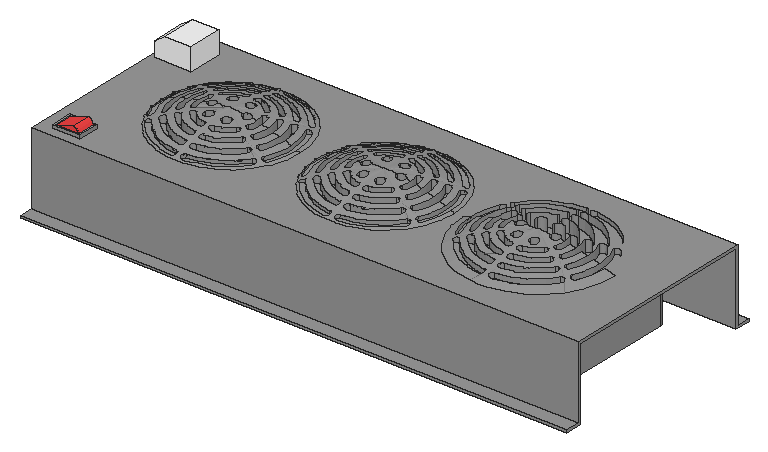
Revit family "ITK Вентиляторная панель с выключателем и термостатом_32М ", category Электрооборудование, Revit 2016
Family settings
  Тип детали = Другая панель
  Размер круглого соединителя = Использовать диаметр
  На основе рабочей плоскости = Нет
  Всегда вертикально = Да
  При загрузке вырезать с полостями = Нет
  Общий = Нет
  Точка расчета площади = Нет
Parameters (values of type "FM35-32M")
  Ширина = 470 mm
  Степень защиты = "IP20"
  Совместимость = "Linea N, W"
  Описание = "Панели вентиляторные ITK серии ПВ предназначены для установки и использования в настенных шкафах серии LINEA W и сетевых шкафах LINEA N для организации принудительного охлаждения и вентиляции установленного в них активного (серверы, дисковые массивы, коммутаторы, ИБП и др.) оборудования и вывода из шкафа горячего воздуха.\r\n\r\nПанели серии ПВ комплектуются выключателем со светоиндикацией, имеют два или три вентиляторных модуля и в зависимости от модели могут оснащаться биметаллическим термостатом (тип NO).\r\nДиапазон регулировки температуры термостата: от 0 до 60°С.\r\nНоминальное рабочее напряжение: 230В. Частота тока: 50Гц.\r\nМинимальный срок службы: 50 тыс. часов.\r\nПодача рабочего напряжения на вентиляторную панель осуществляется через встроенный разъем питания С14 10А/250В.\r\n\r\nВнимание! Кабель электропитания для подключения к сети в комплект поставки не входит.\r\n\r\nВентиляторные панели устанавливаются в крыше шкафа на специально предусмотренное посадочное место и не занимают полезной высоты 19-дюймовых монтажных профилей.\r\nМаксимальное количество устанавливаемых в шкаф вентиляторных панелей в зависимости от его серии и габаритов:\r\nLINEA W 600x450 мм - 1 шт.\r\nLINEA W 600x600 мм - 2 шт.\r\nLINEA N 600x600 мм - 2 шт.\r\nLINEA N 600x800 мм - 3 шт.\r\nLINEA N 600x1000 мм - 4 шт.\r\nСовместимы со всеми 19-доймовыми шкафами и стойками ITK.\r\nОбладают современным привлекательным дизайном и продуманной конструкцией.\r\nУдобны в монтаже и эксплуатации.\r\nСоответствие международным стандартам ISO9001, IEC 297, ISO/IEC 11801. \r\nСертифицированы по ГОСТ Р.\r\nВсе аксессуары идут с крепежом.\r\nВозможно исполнение в двух цветах: серый (RAL7035) и черный (RAL9005).\r\nВсегда в наличии на складе.\r\nГарантия на все аксессуары до 2-х лет."  # constant formula
  Материал = Окраска - RAL 7035
  Type Comments = ""
  Изготовитель = "ITK"  # constant formula
  Глубина = 171 mm
  Высота = 78 mm
  URL = "http://www.itk-group.ru/produktsiya/catalog/?page=detail&article=FM05-21M"
  ADSK_Ток = ADSK_Номинальная мощность / (ADSK_Коэффициент мощности * ADSK_Напряжение * sqrt(ADSK_Количество фаз числовое))  # 0.00454545 A
  ADSK_Примечание = ""
  ADSK_Полная мощность = ADSK_Номинальная мощность / ADSK_Коэффициент мощности  # 1 VA
  ADSK_Позиция [instance] = ""
  ADSK_Номинальная мощность = 1 W
  ADSK_Напряжение = 220 V
  ADSK_Наименование краткое = "FM35-32M"
  ADSK_Наименование = "ITK Вентиляторная панель с выключателем и термостатом, 3 модуля,серая"
  ADSK_Масса = 0
  ADSK_Марка = "FM35-32M"
  ADSK_Коэффициент мощности = 1
  ADSK_Количество фаз числовое = 1
  ADSK_Количество фаз = 1
  ADSK_Код изделия = ""
  ADSK_Классификация нагрузок = Прочее
  ADSK_Завод-изготовитель = "IEK"  # constant formula
  ADSK_Единица измерения = "шт"  # constant formula
  ADSK_Группирование = ""
Types (2, lengths in mm): name | Материал | ADSK_Наименование краткое | ADSK_Наименование | ADSK_Марка
  FM05-32M | Окраска - RAL 9005 | "FM05-32M" | "ITK Вентиляторная панель с выключателем и термостатом, 3 модуля, черная" | "FM05-32M"
  FM35-32M | Окраска - RAL 7035 | "FM35-32M" | "ITK Вентиляторная панель с выключателем и термостатом, 3 модуля,серая" | "FM35-32M"
Reference planes
  plane 1 "По центру (Вперед/Назад)": y = 0
  plane 2: z = 0
  plane 3 "По центру (Влево/Вправо)": x = 0
  plane 4 "Ширина(начало)": x = -235
  plane 5: x = 235
  plane 6: z = 78
  plane 7 "Выключатель": y = -67.326
  plane 8 "Термостат": y = 71.202
Forms (mm)
  Extrusion 1, void
    sketch origin (0, 54, 0) x (1, 0, 0) y (0, 1, 0)
      loop
        arc (-80.768, -79.079) -> (-75.25, -54.5) -> (-80.768, -29.921) r 57.5
        arc (-80.768, -29.921) -> (-84.097, -28.729) -> (-85.288, -32.058) r 2.5
        arc (-85.288, -32.058) -> (-80.25, -54.5) -> (-85.288, -76.942) r 52.5
        arc (-85.288, -76.942) -> (-84.097, -80.271) -> (-80.768, -79.079) r 2.5
      loop
        arc (-128.045, -111.807) -> (-104, -104.296) -> (-85.473, -87.228) r 57.5
        arc (-85.473, -87.228) -> (-86.105, -83.749) -> (-89.584, -84.382) r 2.5
        arc (-89.584, -84.382) -> (-106.5, -99.966) -> (-128.455, -106.824) r 52.5
        arc (-128.455, -106.824) -> (-130.742, -109.52) -> (-128.045, -111.807) r 2.5
      loop
        arc (-180.027, -87.228) -> (-161.5, -104.296) -> (-137.455, -111.807) r 57.5
        arc (-137.455, -111.807) -> (-134.758, -109.52) -> (-137.045, -106.824) r 2.5
        arc (-137.045, -106.824) -> (-159, -99.966) -> (-175.916, -84.382) r 52.5
        arc (-175.916, -84.382) -> (-179.395, -83.749) -> (-180.027, -87.228) r 2.5
      loop
        arc (-184.732, -29.921) -> (-190.25, -54.5) -> (-184.732, -79.079) r 57.5
        arc (-184.732, -79.079) -> (-181.403, -80.271) -> (-180.212, -76.942) r 2.5
        arc (-180.212, -76.942) -> (-185.25, -54.5) -> (-180.212, -32.058) r 52.5
        arc (-180.212, -32.058) -> (-181.403, -28.729) -> (-184.732, -29.921) r 2.5
      loop
        arc (-137.455, 2.807) -> (-161.5, -4.704) -> (-180.027, -21.772) r 57.5
        arc (-180.027, -21.772) -> (-179.395, -25.251) -> (-175.916, -24.618) r 2.5
        arc (-175.916, -24.618) -> (-159, -9.034) -> (-137.045, -2.176) r 52.5
        arc (-137.045, -2.176) -> (-134.758, 0.52) -> (-137.455, 2.807) r 2.5
      loop
        arc (-89.584, -24.618) -> (-86.105, -25.251) -> (-85.473, -21.772) r 2.5
        arc (-85.473, -21.772) -> (-104, -4.704) -> (-128.045, 2.807) r 57.5
        arc (-128.045, 2.807) -> (-130.742, 0.52) -> (-128.455, -2.176) r 2.5
        arc (-128.455, -2.176) -> (-106.5, -9.034) -> (-89.584, -24.618) r 52.5
      loop
        arc (-106.927, -34.766) -> (-103.423, -35.235) -> (-102.954, -31.73) r 2.5
        arc (-102.954, -31.73) -> (-114, -22.024) -> (-127.929, -17.311) r 37.5
        arc (-127.929, -17.311) -> (-130.729, -19.469) -> (-128.571, -22.27) r 2.5
        arc (-128.571, -22.27) -> (-116.5, -26.354) -> (-106.927, -34.766) r 32.5
      loop
        arc (-136.929, -22.27) -> (-134.771, -19.469) -> (-137.571, -17.311) r 2.5
        arc (-137.571, -17.311) -> (-151.5, -22.024) -> (-162.546, -31.73) r 37.5
        arc (-162.546, -31.73) -> (-162.077, -35.235) -> (-158.573, -34.766) r 2.5
        arc (-158.573, -34.766) -> (-149, -26.354) -> (-136.929, -22.27) r 32.5
      loop
        arc (-162.752, -42.004) -> (-164.098, -38.735) -> (-167.367, -40.081) r 2.5
        arc (-167.367, -40.081) -> (-170.25, -54.5) -> (-167.367, -68.919) r 37.5
        arc (-167.367, -68.919) -> (-164.098, -70.265) -> (-162.752, -66.996) r 2.5
        arc (-162.752, -66.996) -> (-165.25, -54.5) -> (-162.752, -42.004) r 32.5
      loop
        arc (-158.573, -74.234) -> (-162.077, -73.765) -> (-162.546, -77.27) r 2.5
        arc (-162.546, -77.27) -> (-151.5, -86.976) -> (-137.571, -91.689) r 37.5
        arc (-137.571, -91.689) -> (-134.771, -89.531) -> (-136.929, -86.73) r 2.5
        arc (-136.929, -86.73) -> (-149, -82.646) -> (-158.573, -74.234) r 32.5
      loop
        arc (-128.7, -76.632) -> (-130.709, -79.542) -> (-127.8, -81.551) r 2.5
        arc (-127.8, -81.551) -> (-119, -78.316) -> (-111.798, -72.312) r 27.5
        arc (-111.798, -72.312) -> (-112.084, -68.788) -> (-115.608, -69.074) r 2.5
        arc (-115.608, -69.074) -> (-121.5, -73.986) -> (-128.7, -76.632) r 22.5
      loop
        arc (-111.558, -62.059) -> (-110.043, -65.253) -> (-106.848, -63.739) r 2.5
        arc (-106.848, -63.739) -> (-105.25, -54.5) -> (-106.848, -45.261) r 27.5
        arc (-106.848, -45.261) -> (-110.043, -43.747) -> (-111.558, -46.941) r 2.5
        arc (-111.558, -46.941) -> (-110.25, -54.5) -> (-111.558, -62.059) r 22.5
      loop
        arc (-102.748, -66.996) -> (-101.402, -70.265) -> (-98.133, -68.919) r 2.5
        arc (-98.133, -68.919) -> (-95.25, -54.5) -> (-98.133, -40.081) r 37.5
        arc (-98.133, -40.081) -> (-101.402, -38.735) -> (-102.748, -42.004) r 2.5
        arc (-102.748, -42.004) -> (-100.25, -54.5) -> (-102.748, -66.996) r 32.5
      loop
        arc (-94.003, -71.963) -> (-92.751, -75.269) -> (-89.445, -74.017) r 2.5
        arc (-89.445, -74.017) -> (-85.25, -54.5) -> (-89.445, -34.983) r 47.5
        arc (-89.445, -34.983) -> (-92.751, -33.731) -> (-94.003, -37.037) r 2.5
        arc (-94.003, -37.037) -> (-90.25, -54.5) -> (-94.003, -71.963) r 42.5
      loop
        arc (-98.253, -29.676) -> (-94.764, -30.245) -> (-94.195, -26.755) r 2.5
        arc (-94.195, -26.755) -> (-109, -13.364) -> (-128, -7.238) r 47.5
        arc (-128, -7.238) -> (-130.737, -9.476) -> (-128.5, -12.213) r 2.5
        arc (-128.5, -12.213) -> (-111.5, -17.694) -> (-98.253, -29.676) r 42.5
      loop
        arc (-137, -12.213) -> (-134.763, -9.476) -> (-137.5, -7.238) r 2.5
        arc (-137.5, -7.238) -> (-156.5, -13.364) -> (-171.305, -26.755) r 47.5
        arc (-171.305, -26.755) -> (-170.736, -30.245) -> (-167.247, -29.676) r 2.5
        arc (-167.247, -29.676) -> (-154, -17.694) -> (-137, -12.213) r 42.5
      loop
        arc (-171.497, -37.037) -> (-172.749, -33.731) -> (-176.055, -34.983) r 2.5
        arc (-176.055, -34.983) -> (-180.25, -54.5) -> (-176.055, -74.017) r 47.5
        arc (-176.055, -74.017) -> (-172.749, -75.269) -> (-171.497, -71.963) r 2.5
        arc (-171.497, -71.963) -> (-175.25, -54.5) -> (-171.497, -37.037) r 42.5
      loop
        arc (-167.247, -79.324) -> (-170.736, -78.755) -> (-171.305, -82.245) r 2.5
        arc (-171.305, -82.245) -> (-156.5, -95.636) -> (-137.5, -101.762) r 47.5
        arc (-137.5, -101.762) -> (-134.763, -99.524) -> (-137, -96.787) r 2.5
        arc (-137, -96.787) -> (-154, -91.306) -> (-167.247, -79.324) r 42.5
      loop
        arc (-128, -101.762) -> (-109, -95.636) -> (-94.195, -82.245) r 47.5
        arc (-94.195, -82.245) -> (-94.764, -78.755) -> (-98.253, -79.324) r 2.5
        arc (-98.253, -79.324) -> (-111.5, -91.306) -> (-128.5, -96.787) r 42.5
        arc (-128.5, -96.787) -> (-130.737, -99.524) -> (-128, -101.762) r 2.5
      loop
        arc (-127.929, -91.689) -> (-114, -86.976) -> (-102.954, -77.27) r 37.5
        arc (-102.954, -77.27) -> (-103.423, -73.765) -> (-106.927, -74.234) r 2.5
        arc (-106.927, -74.234) -> (-116.5, -82.646) -> (-128.571, -86.73) r 32.5
        arc (-128.571, -86.73) -> (-130.729, -89.531) -> (-127.929, -91.689) r 2.5
      loop
        circle (-140.25, -67.49) r 4
      loop
        circle (-125.25, -67.49) r 4
      loop
        circle (-117.75, -54.5) r 4
      loop
        circle (-125.25, -41.51) r 4
      loop
        arc (-136.8, -32.368) -> (-134.791, -29.458) -> (-137.7, -27.449) r 2.5
        arc (-137.7, -27.449) -> (-146.5, -30.684) -> (-153.702, -36.688) r 27.5
        arc (-153.702, -36.688) -> (-153.416, -40.212) -> (-149.892, -39.926) r 2.5
        arc (-149.892, -39.926) -> (-144, -35.014) -> (-136.8, -32.368) r 22.5
      loop
        arc (-149.892, -69.074) -> (-153.416, -68.788) -> (-153.702, -72.312) r 2.5
        arc (-153.702, -72.312) -> (-146.5, -78.316) -> (-137.7, -81.551) r 27.5
        arc (-137.7, -81.551) -> (-134.791, -79.542) -> (-136.8, -76.632) r 2.5
        arc (-136.8, -76.632) -> (-144, -73.986) -> (-149.892, -69.074) r 22.5
      loop
        arc (-115.608, -39.926) -> (-112.084, -40.212) -> (-111.798, -36.688) r 2.5
        arc (-111.798, -36.688) -> (-119, -30.684) -> (-127.8, -27.449) r 27.5
        arc (-127.8, -27.449) -> (-130.709, -29.458) -> (-128.7, -32.368) r 2.5
        arc (-128.7, -32.368) -> (-121.5, -35.014) -> (-115.608, -39.926) r 22.5
      loop
        circle (-140.25, -41.51) r 4
      loop
        arc (-153.942, -46.941) -> (-155.457, -43.747) -> (-158.652, -45.261) r 2.5
        arc (-158.652, -45.261) -> (-160.25, -54.5) -> (-158.652, -63.739) r 27.5
        arc (-158.652, -63.739) -> (-155.457, -65.253) -> (-153.942, -62.059) r 2.5
        arc (-153.942, -62.059) -> (-155.25, -54.5) -> (-153.942, -46.941) r 22.5
      loop
        circle (-147.75, -54.5) r 4
      loop
        arc (84.848, -87.228) -> (103.375, -104.296) -> (127.42, -111.807) r 57.5
        arc (127.42, -111.807) -> (130.117, -109.52) -> (127.83, -106.824) r 2.5
        arc (127.83, -106.824) -> (105.875, -99.966) -> (88.959, -84.382) r 52.5
        arc (88.959, -84.382) -> (85.48, -83.749) -> (84.848, -87.228) r 2.5
      loop
        arc (136.83, -111.807) -> (160.875, -104.296) -> (179.402, -87.228) r 57.5
        arc (179.402, -87.228) -> (178.77, -83.749) -> (175.291, -84.382) r 2.5
        arc (175.291, -84.382) -> (158.375, -99.966) -> (136.42, -106.824) r 52.5
        arc (136.42, -106.824) -> (134.133, -109.52) -> (136.83, -111.807) r 2.5
      loop
        arc (184.107, -79.079) -> (189.625, -54.5) -> (184.107, -29.921) r 57.5
        arc (184.107, -29.921) -> (180.778, -28.729) -> (179.587, -32.058) r 2.5
        arc (179.587, -32.058) -> (184.625, -54.5) -> (179.587, -76.942) r 52.5
        arc (179.587, -76.942) -> (180.778, -80.271) -> (184.107, -79.079) r 2.5
      loop
        arc (179.402, -21.772) -> (160.875, -4.704) -> (136.83, 2.807) r 57.5
        arc (136.83, 2.807) -> (134.133, 0.52) -> (136.42, -2.176) r 2.5
        arc (136.42, -2.176) -> (158.375, -9.034) -> (175.291, -24.618) r 52.5
        arc (175.291, -24.618) -> (178.77, -25.251) -> (179.402, -21.772) r 2.5
      loop
        arc (127.42, 2.807) -> (103.375, -4.704) -> (84.848, -21.772) r 57.5
        arc (84.848, -21.772) -> (85.48, -25.251) -> (88.959, -24.618) r 2.5
        arc (88.959, -24.618) -> (105.875, -9.034) -> (127.83, -2.176) r 52.5
        arc (127.83, -2.176) -> (130.117, 0.52) -> (127.42, 2.807) r 2.5
      loop
        arc (80.143, -29.921) -> (74.625, -54.5) -> (80.143, -79.079) r 57.5
        arc (80.143, -79.079) -> (83.472, -80.271) -> (84.663, -76.942) r 2.5
        arc (84.663, -76.942) -> (79.625, -54.5) -> (84.663, -32.058) r 52.5
        arc (84.663, -32.058) -> (83.472, -28.729) -> (80.143, -29.921) r 2.5
      loop
        arc (93.378, -37.037) -> (92.126, -33.731) -> (88.82, -34.983) r 2.5
        arc (88.82, -34.983) -> (84.625, -54.5) -> (88.82, -74.017) r 47.5
        arc (88.82, -74.017) -> (92.126, -75.269) -> (93.378, -71.963) r 2.5
        arc (93.378, -71.963) -> (89.625, -54.5) -> (93.378, -37.037) r 42.5
      loop
        arc (102.123, -42.004) -> (100.777, -38.735) -> (97.508, -40.081) r 2.5
        arc (97.508, -40.081) -> (94.625, -54.5) -> (97.508, -68.919) r 37.5
        arc (97.508, -68.919) -> (100.777, -70.265) -> (102.123, -66.996) r 2.5
        arc (102.123, -66.996) -> (99.625, -54.5) -> (102.123, -42.004) r 32.5
      loop
        arc (110.933, -46.941) -> (109.418, -43.747) -> (106.223, -45.261) r 2.5
        arc (106.223, -45.261) -> (104.625, -54.5) -> (106.223, -63.739) r 27.5
        arc (106.223, -63.739) -> (109.418, -65.253) -> (110.933, -62.059) r 2.5
        arc (110.933, -62.059) -> (109.625, -54.5) -> (110.933, -46.941) r 22.5
      loop
        arc (114.983, -69.074) -> (111.459, -68.788) -> (111.173, -72.312) r 2.5
        arc (111.173, -72.312) -> (118.375, -78.316) -> (127.175, -81.551) r 27.5
        arc (127.175, -81.551) -> (130.084, -79.542) -> (128.075, -76.632) r 2.5
        arc (128.075, -76.632) -> (120.875, -73.986) -> (114.983, -69.074) r 22.5
      loop
        arc (106.302, -74.234) -> (102.798, -73.765) -> (102.329, -77.27) r 2.5
        arc (102.329, -77.27) -> (113.375, -86.976) -> (127.304, -91.689) r 37.5
        arc (127.304, -91.689) -> (130.104, -89.531) -> (127.946, -86.73) r 2.5
        arc (127.946, -86.73) -> (115.875, -82.646) -> (106.302, -74.234) r 32.5
      loop
        arc (97.628, -79.324) -> (94.139, -78.755) -> (93.57, -82.245) r 2.5
        arc (93.57, -82.245) -> (108.375, -95.636) -> (127.375, -101.762) r 47.5
        arc (127.375, -101.762) -> (130.112, -99.524) -> (127.875, -96.787) r 2.5
        arc (127.875, -96.787) -> (110.875, -91.306) -> (97.628, -79.324) r 42.5
      loop
        arc (136.875, -101.762) -> (155.875, -95.636) -> (170.68, -82.245) r 47.5
        arc (170.68, -82.245) -> (170.111, -78.755) -> (166.622, -79.324) r 2.5
        arc (166.622, -79.324) -> (153.375, -91.306) -> (136.375, -96.787) r 42.5
        arc (136.375, -96.787) -> (134.138, -99.524) -> (136.875, -101.762) r 2.5
      loop
        arc (136.946, -91.689) -> (150.875, -86.976) -> (161.921, -77.27) r 37.5
        arc (161.921, -77.27) -> (161.452, -73.765) -> (157.948, -74.234) r 2.5
        arc (157.948, -74.234) -> (148.375, -82.646) -> (136.304, -86.73) r 32.5
        arc (136.304, -86.73) -> (134.146, -89.531) -> (136.946, -91.689) r 2.5
      loop
        arc (137.075, -81.551) -> (145.875, -78.316) -> (153.077, -72.312) r 27.5
        arc (153.077, -72.312) -> (152.791, -68.788) -> (149.267, -69.074) r 2.5
        arc (149.267, -69.074) -> (143.375, -73.986) -> (136.175, -76.632) r 22.5
        arc (136.175, -76.632) -> (134.166, -79.542) -> (137.075, -81.551) r 2.5
      loop
        arc (128.075, -32.368) -> (130.084, -29.458) -> (127.175, -27.449) r 2.5
        arc (127.175, -27.449) -> (118.375, -30.684) -> (111.173, -36.688) r 27.5
        arc (111.173, -36.688) -> (111.459, -40.212) -> (114.983, -39.926) r 2.5
        arc (114.983, -39.926) -> (120.875, -35.014) -> (128.075, -32.368) r 22.5
      loop
        arc (127.946, -22.27) -> (130.104, -19.469) -> (127.304, -17.311) r 2.5
        arc (127.304, -17.311) -> (113.375, -22.024) -> (102.329, -31.73) r 37.5
        arc (102.329, -31.73) -> (102.798, -35.235) -> (106.302, -34.766) r 2.5
        arc (106.302, -34.766) -> (115.875, -26.354) -> (127.946, -22.27) r 32.5
      loop
        arc (127.875, -12.213) -> (130.112, -9.476) -> (127.375, -7.238) r 2.5
        arc (127.375, -7.238) -> (108.375, -13.364) -> (93.57, -26.755) r 47.5
        arc (93.57, -26.755) -> (94.139, -30.245) -> (97.628, -29.676) r 2.5
        arc (97.628, -29.676) -> (110.875, -17.694) -> (127.875, -12.213) r 42.5
      loop
        arc (166.622, -29.676) -> (170.111, -30.245) -> (170.68, -26.755) r 2.5
        arc (170.68, -26.755) -> (155.875, -13.364) -> (136.875, -7.238) r 47.5
        arc (136.875, -7.238) -> (134.138, -9.476) -> (136.375, -12.213) r 2.5
        arc (136.375, -12.213) -> (153.375, -17.694) -> (166.622, -29.676) r 42.5
      loop
        arc (157.948, -34.766) -> (161.452, -35.235) -> (161.921, -31.73) r 2.5
        arc (161.921, -31.73) -> (150.875, -22.024) -> (136.946, -17.311) r 37.5
        arc (136.946, -17.311) -> (134.146, -19.469) -> (136.304, -22.27) r 2.5
        arc (136.304, -22.27) -> (148.375, -26.354) -> (157.948, -34.766) r 32.5
      loop
        arc (149.267, -39.926) -> (152.791, -40.212) -> (153.077, -36.688) r 2.5
        arc (153.077, -36.688) -> (145.875, -30.684) -> (137.075, -27.449) r 27.5
        arc (137.075, -27.449) -> (134.166, -29.458) -> (136.175, -32.368) r 2.5
        arc (136.175, -32.368) -> (143.375, -35.014) -> (149.267, -39.926) r 22.5
      loop
        circle (117.125, -54.5) r 4
      loop
        circle (139.625, -67.49) r 4
      loop
        circle (147.125, -54.5) r 4
      loop
        circle (139.625, -41.51) r 4
      loop
        circle (124.625, -41.51) r 4
      loop
        circle (124.625, -67.49) r 4
      loop
        arc (153.317, -62.059) -> (154.832, -65.253) -> (158.027, -63.739) r 2.5
        arc (158.027, -63.739) -> (159.625, -54.5) -> (158.027, -45.261) r 27.5
        arc (158.027, -45.261) -> (154.832, -43.747) -> (153.317, -46.941) r 2.5
        arc (153.317, -46.941) -> (154.625, -54.5) -> (153.317, -62.059) r 22.5
      loop
        arc (166.742, -68.919) -> (169.625, -54.5) -> (166.742, -40.081) r 37.5
        arc (166.742, -40.081) -> (163.473, -38.735) -> (162.127, -42.004) r 2.5
        arc (162.127, -42.004) -> (164.625, -54.5) -> (162.127, -66.996) r 32.5
        arc (162.127, -66.996) -> (163.473, -70.265) -> (166.742, -68.919) r 2.5
      loop
        arc (175.43, -74.017) -> (179.625, -54.5) -> (175.43, -34.983) r 47.5
        arc (175.43, -34.983) -> (172.124, -33.731) -> (170.872, -37.037) r 2.5
        arc (170.872, -37.037) -> (174.625, -54.5) -> (170.872, -71.963) r 42.5
        arc (170.872, -71.963) -> (172.124, -75.269) -> (175.43, -74.017) r 2.5
    from 38.165 to 87.544
  Revolve 2, solid, material "Окраска - RAL 7035" <- "Материал", detail levels fine
    sketch origin (-2000, 0, 1224.743) x (-1, 0, 0) y (0, 0, 1)
      loop
        arc (-1867.476, -1146.728) -> (-1898.028, -1150.848) -> (-1927.292, -1160.544) r 166.079
        line (-1927.292, -1160.544) -> (-1867.476, -1160.544) -> (-1867.476, -1146.728)
      axis (-1867.476, -1160.544) -> (-1867.476, -1146.728)
    angle from 0 to 360
  Extrusion 3, solid, material "Окраска - RAL 7035" <- "Материал", detail levels fine
    sketch origin (0, 0, 0) x (1, 0, 0) y (0, 1, 0)
      loop
        line (-72.499, -38.81) -> (-72.499, 55.999)
        arc (-72.499, 55.999) -> (-73.672, 58.829) -> (-76.503, 60) r 4.001
        line (-76.503, 60) -> (-188.499, 60)
        arc (-188.499, 60) -> (-191.329, 58.826) -> (-192.499, 55.994) r 4
        line (-192.499, 55.994) -> (-192.499, -56.002)
        arc (-192.499, -56.002) -> (-191.329, -58.828) -> (-188.503, -60.001) r 3.999
        line (-188.503, -60.001) -> (-76.499, -60.001)
        arc (-76.499, -60.001) -> (-73.671, -58.83) -> (-72.499, -56.004) r 4
        line (-72.499, -56.004) -> (-72.499, -38.81)
      loop
        arc (188.486, -60) -> (191.315, -58.828) -> (192.486, -56) r 4
        line (192.486, -56) -> (192.486, 56.039)
        arc (192.486, 56.039) -> (191.321, 58.851) -> (188.509, 60.016) r 3.978
        line (188.509, 60.016) -> (76.474, 60.016)
        arc (76.474, 60.016) -> (73.662, 58.851) -> (72.497, 56.039) r 3.978
        line (72.497, 56.039) -> (72.497, -56)
        arc (72.497, -56) -> (73.668, -58.828) -> (76.497, -60) r 4
        line (76.497, -60) -> (188.486, -60)
    from 0 to 62.2
  Revolve 4, solid, material "Окраска - RAL 7035" <- "Материал", detail levels fine
    sketch origin (2000, 0, 1199.062) x (1, 0, 0) y (0, 0, 1)
      loop
        arc (-1867.476, -1121.112) -> (-1900.682, -1125.04) -> (-1932.706, -1134.662) r 192.265
        line (-1932.706, -1134.662) -> (-1867.476, -1134.662) -> (-1867.476, -1121.112)
      axis (-1867.476, -1134.662) -> (-1867.476, -1121.112)
    angle from 0 to 360
  Sweep 5, solid, material "Окраска - RAL 7035" <- "Материал", detail levels fine
    path origin (0, 0, 0) x (1, 0, 0) y (0, 1, 0)
      loop
        line (-235, -120.5) -> (235, -120.5)
    profile origin (0, -120.5, 0) x (0, 1, 0) y (0, 0, 1)
      loop
        line (217.608, 0) -> (217.608, 1.884) -> (206, 1.884) -> (206, 64.2) -> (34.953, 64.2) -> (34.953, 1.884) -> (22.608, 1.884) -> (22.608, 0) -> (36.953, 0) -> (36.953, 62.2) -> (204, 62.2) -> (204, 0) -> (217.608, 0)
  Extrusion 6, solid, material "Остекление(красный)", detail levels fine
    sketch origin (-3.102, 0, -2.2) x (1, 0, 0) y (0, 0, 1)
      loop
        line (-219.229, 66.4) -> (-199.229, 66.4)
        arc (-199.229, 66.4) -> (-200.746, 70.482) -> (-203.523, 73.837) r 13.032
        line (-203.523, 73.837) -> (-219.229, 69.035) -> (-219.229, 66.4)
    from 60.001 to 75.329
  Sweep 7, solid, material "Окраска - RAL 7035" <- "Материал", detail levels fine
    path origin (0, 0, -2.2) x (0, 1, 0) y (0, 0, 1)
      loop
        line (-75.329, 66.4) -> (-75.329, 69.035)
    profile origin (0, -75.329, 65.517) x (0, -1, 0) y (1, 0, 0)
      loop
        line (0, -222.331) -> (0, -202.331) -> (-15.328, -202.331) -> (-15.328, -222.331) -> (0, -222.331)
      loop
        line (-16.43, -223.965) -> (1.341, -223.965) -> (1.341, -200.657) -> (-16.43, -200.657) -> (-16.43, -223.965)
  Extrusion 8, solid, material "Окраска - белый", detail levels fine
    sketch origin (-3.657, 0, 0) x (1, 0, 0) y (0, 0, 1)
      loop
        line (-227.331, 64.2) -> (-196.343, 64.2) -> (-196.343, 83) -> (-218.263, 83) -> (-227.331, 77.111) -> (-227.331, 64.2)
    from -71.202 to -41.571
  Extrusion 9, void
    sketch origin (132.524, 54, 0) x (1, 0, 0) y (0, 1, 0)
      loop
        arc (-80.768, -79.079) -> (-75.25, -54.5) -> (-80.768, -29.921) r 57.5
        arc (-80.768, -29.921) -> (-84.097, -28.729) -> (-85.288, -32.058) r 2.5
        arc (-85.288, -32.058) -> (-80.25, -54.5) -> (-85.288, -76.942) r 52.5
        arc (-85.288, -76.942) -> (-84.097, -80.271) -> (-80.768, -79.079) r 2.5
      loop
        arc (-128.045, -111.807) -> (-104, -104.296) -> (-85.473, -87.228) r 57.5
        arc (-85.473, -87.228) -> (-86.105, -83.749) -> (-89.584, -84.382) r 2.5
        arc (-89.584, -84.382) -> (-106.5, -99.966) -> (-128.455, -106.824) r 52.5
        arc (-128.455, -106.824) -> (-130.742, -109.52) -> (-128.045, -111.807) r 2.5
      loop
        arc (-180.027, -87.228) -> (-161.5, -104.296) -> (-137.455, -111.807) r 57.5
        arc (-137.455, -111.807) -> (-134.758, -109.52) -> (-137.045, -106.824) r 2.5
        arc (-137.045, -106.824) -> (-159, -99.966) -> (-175.916, -84.382) r 52.5
        arc (-175.916, -84.382) -> (-179.395, -83.749) -> (-180.027, -87.228) r 2.5
      loop
        arc (-184.732, -29.921) -> (-190.25, -54.5) -> (-184.732, -79.079) r 57.5
        arc (-184.732, -79.079) -> (-181.403, -80.271) -> (-180.212, -76.942) r 2.5
        arc (-180.212, -76.942) -> (-185.25, -54.5) -> (-180.212, -32.058) r 52.5
        arc (-180.212, -32.058) -> (-181.403, -28.729) -> (-184.732, -29.921) r 2.5
      loop
        arc (-137.455, 2.807) -> (-161.5, -4.704) -> (-180.027, -21.772) r 57.5
        arc (-180.027, -21.772) -> (-179.395, -25.251) -> (-175.916, -24.618) r 2.5
        arc (-175.916, -24.618) -> (-159, -9.034) -> (-137.045, -2.176) r 52.5
        arc (-137.045, -2.176) -> (-134.758, 0.52) -> (-137.455, 2.807) r 2.5
      loop
        arc (-89.584, -24.618) -> (-86.105, -25.251) -> (-85.473, -21.772) r 2.5
        arc (-85.473, -21.772) -> (-104, -4.704) -> (-128.045, 2.807) r 57.5
        arc (-128.045, 2.807) -> (-130.742, 0.52) -> (-128.455, -2.176) r 2.5
        arc (-128.455, -2.176) -> (-106.5, -9.034) -> (-89.584, -24.618) r 52.5
      loop
        arc (-106.927, -34.766) -> (-103.423, -35.235) -> (-102.954, -31.73) r 2.5
        arc (-102.954, -31.73) -> (-114, -22.024) -> (-127.929, -17.311) r 37.5
        arc (-127.929, -17.311) -> (-130.729, -19.469) -> (-128.571, -22.27) r 2.5
        arc (-128.571, -22.27) -> (-116.5, -26.354) -> (-106.927, -34.766) r 32.5
      loop
        arc (-136.929, -22.27) -> (-134.771, -19.469) -> (-137.571, -17.311) r 2.5
        arc (-137.571, -17.311) -> (-151.5, -22.024) -> (-162.546, -31.73) r 37.5
        arc (-162.546, -31.73) -> (-162.077, -35.235) -> (-158.573, -34.766) r 2.5
        arc (-158.573, -34.766) -> (-149, -26.354) -> (-136.929, -22.27) r 32.5
      loop
        arc (-162.752, -42.004) -> (-164.098, -38.735) -> (-167.367, -40.081) r 2.5
        arc (-167.367, -40.081) -> (-170.25, -54.5) -> (-167.367, -68.919) r 37.5
        arc (-167.367, -68.919) -> (-164.098, -70.265) -> (-162.752, -66.996) r 2.5
        arc (-162.752, -66.996) -> (-165.25, -54.5) -> (-162.752, -42.004) r 32.5
      loop
        arc (-158.573, -74.234) -> (-162.077, -73.765) -> (-162.546, -77.27) r 2.5
        arc (-162.546, -77.27) -> (-151.5, -86.976) -> (-137.571, -91.689) r 37.5
        arc (-137.571, -91.689) -> (-134.771, -89.531) -> (-136.929, -86.73) r 2.5
        arc (-136.929, -86.73) -> (-149, -82.646) -> (-158.573, -74.234) r 32.5
      loop
        arc (-128.7, -76.632) -> (-130.709, -79.542) -> (-127.8, -81.551) r 2.5
        arc (-127.8, -81.551) -> (-119, -78.316) -> (-111.798, -72.312) r 27.5
        arc (-111.798, -72.312) -> (-112.084, -68.788) -> (-115.608, -69.074) r 2.5
        arc (-115.608, -69.074) -> (-121.5, -73.986) -> (-128.7, -76.632) r 22.5
      loop
        arc (-111.558, -62.059) -> (-110.043, -65.253) -> (-106.848, -63.739) r 2.5
        arc (-106.848, -63.739) -> (-105.25, -54.5) -> (-106.848, -45.261) r 27.5
        arc (-106.848, -45.261) -> (-110.043, -43.747) -> (-111.558, -46.941) r 2.5
        arc (-111.558, -46.941) -> (-110.25, -54.5) -> (-111.558, -62.059) r 22.5
      loop
        arc (-102.748, -66.996) -> (-101.402, -70.265) -> (-98.133, -68.919) r 2.5
        arc (-98.133, -68.919) -> (-95.25, -54.5) -> (-98.133, -40.081) r 37.5
        arc (-98.133, -40.081) -> (-101.402, -38.735) -> (-102.748, -42.004) r 2.5
        arc (-102.748, -42.004) -> (-100.25, -54.5) -> (-102.748, -66.996) r 32.5
      loop
        arc (-94.003, -71.963) -> (-92.751, -75.269) -> (-89.445, -74.017) r 2.5
        arc (-89.445, -74.017) -> (-85.25, -54.5) -> (-89.445, -34.983) r 47.5
        arc (-89.445, -34.983) -> (-92.751, -33.731) -> (-94.003, -37.037) r 2.5
        arc (-94.003, -37.037) -> (-90.25, -54.5) -> (-94.003, -71.963) r 42.5
      loop
        arc (-98.253, -29.676) -> (-94.764, -30.245) -> (-94.195, -26.755) r 2.5
        arc (-94.195, -26.755) -> (-109, -13.364) -> (-128, -7.238) r 47.5
        arc (-128, -7.238) -> (-130.737, -9.476) -> (-128.5, -12.213) r 2.5
        arc (-128.5, -12.213) -> (-111.5, -17.694) -> (-98.253, -29.676) r 42.5
      loop
        arc (-137, -12.213) -> (-134.763, -9.476) -> (-137.5, -7.238) r 2.5
        arc (-137.5, -7.238) -> (-156.5, -13.364) -> (-171.305, -26.755) r 47.5
        arc (-171.305, -26.755) -> (-170.736, -30.245) -> (-167.247, -29.676) r 2.5
        arc (-167.247, -29.676) -> (-154, -17.694) -> (-137, -12.213) r 42.5
      loop
        arc (-171.497, -37.037) -> (-172.749, -33.731) -> (-176.055, -34.983) r 2.5
        arc (-176.055, -34.983) -> (-180.25, -54.5) -> (-176.055, -74.017) r 47.5
        arc (-176.055, -74.017) -> (-172.749, -75.269) -> (-171.497, -71.963) r 2.5
        arc (-171.497, -71.963) -> (-175.25, -54.5) -> (-171.497, -37.037) r 42.5
      loop
        arc (-167.247, -79.324) -> (-170.736, -78.755) -> (-171.305, -82.245) r 2.5
        arc (-171.305, -82.245) -> (-156.5, -95.636) -> (-137.5, -101.762) r 47.5
        arc (-137.5, -101.762) -> (-134.763, -99.524) -> (-137, -96.787) r 2.5
        arc (-137, -96.787) -> (-154, -91.306) -> (-167.247, -79.324) r 42.5
      loop
        arc (-128, -101.762) -> (-109, -95.636) -> (-94.195, -82.245) r 47.5
        arc (-94.195, -82.245) -> (-94.764, -78.755) -> (-98.253, -79.324) r 2.5
        arc (-98.253, -79.324) -> (-111.5, -91.306) -> (-128.5, -96.787) r 42.5
        arc (-128.5, -96.787) -> (-130.737, -99.524) -> (-128, -101.762) r 2.5
      loop
        arc (-127.929, -91.689) -> (-114, -86.976) -> (-102.954, -77.27) r 37.5
        arc (-102.954, -77.27) -> (-103.423, -73.765) -> (-106.927, -74.234) r 2.5
        arc (-106.927, -74.234) -> (-116.5, -82.646) -> (-128.571, -86.73) r 32.5
        arc (-128.571, -86.73) -> (-130.729, -89.531) -> (-127.929, -91.689) r 2.5
      loop
        circle (-140.25, -67.49) r 4
      loop
        circle (-125.25, -67.49) r 4
      loop
        circle (-117.75, -54.5) r 4
      loop
        circle (-125.25, -41.51) r 4
      loop
        arc (-136.8, -32.368) -> (-134.791, -29.458) -> (-137.7, -27.449) r 2.5
        arc (-137.7, -27.449) -> (-146.5, -30.684) -> (-153.702, -36.688) r 27.5
        arc (-153.702, -36.688) -> (-153.416, -40.212) -> (-149.892, -39.926) r 2.5
        arc (-149.892, -39.926) -> (-144, -35.014) -> (-136.8, -32.368) r 22.5
      loop
        arc (-149.892, -69.074) -> (-153.416, -68.788) -> (-153.702, -72.312) r 2.5
        arc (-153.702, -72.312) -> (-146.5, -78.316) -> (-137.7, -81.551) r 27.5
        arc (-137.7, -81.551) -> (-134.791, -79.542) -> (-136.8, -76.632) r 2.5
        arc (-136.8, -76.632) -> (-144, -73.986) -> (-149.892, -69.074) r 22.5
      loop
        arc (-115.608, -39.926) -> (-112.084, -40.212) -> (-111.798, -36.688) r 2.5
        arc (-111.798, -36.688) -> (-119, -30.684) -> (-127.8, -27.449) r 27.5
        arc (-127.8, -27.449) -> (-130.709, -29.458) -> (-128.7, -32.368) r 2.5
        arc (-128.7, -32.368) -> (-121.5, -35.014) -> (-115.608, -39.926) r 22.5
      loop
        circle (-140.25, -41.51) r 4
      loop
        arc (-153.942, -46.941) -> (-155.457, -43.747) -> (-158.652, -45.261) r 2.5
        arc (-158.652, -45.261) -> (-160.25, -54.5) -> (-158.652, -63.739) r 27.5
        arc (-158.652, -63.739) -> (-155.457, -65.253) -> (-153.942, -62.059) r 2.5
        arc (-153.942, -62.059) -> (-155.25, -54.5) -> (-153.942, -46.941) r 22.5
      loop
        circle (-147.75, -54.5) r 4
    from 38.165 to 87.544
  Revolve 10, solid, material "Окраска - RAL 7035" <- "Материал", detail levels fine
    sketch origin (-1867.476, 0, 1224.743) x (-1, 0, 0) y (0, 0, 1)
      loop
        arc (-1867.476, -1146.728) -> (-1898.028, -1150.848) -> (-1927.292, -1160.544) r 166.079
        line (-1927.292, -1160.544) -> (-1867.476, -1160.544) -> (-1867.476, -1146.728)
      axis (-1867.476, -1160.544) -> (-1867.476, -1146.728)
    angle from 0 to 360
  Extrusion 11, solid, material "Окраска - RAL 7035" <- "Материал", detail levels fine
    sketch origin (132.501, 0, 0) x (1, 0, 0) y (0, 1, 0)
      loop
        line (-72.499, -38.81) -> (-72.499, 55.999)
        arc (-72.499, 55.999) -> (-73.672, 58.829) -> (-76.503, 60) r 4.001
        line (-76.503, 60) -> (-188.499, 60)
        arc (-188.499, 60) -> (-191.329, 58.826) -> (-192.499, 55.994) r 4
        line (-192.499, 55.994) -> (-192.499, -56.002)
        arc (-192.499, -56.002) -> (-191.329, -58.828) -> (-188.503, -60.001) r 3.999
        line (-188.503, -60.001) -> (-76.499, -60.001)
        arc (-76.499, -60.001) -> (-73.671, -58.83) -> (-72.499, -56.004) r 4
        line (-72.499, -56.004) -> (-72.499, -38.81)
    from 0 to 62.2
Cuts and joins
  Extrusion 1, Extrusion 9 cuts Revolve 2
  Extrusion 1, Extrusion 9 cuts Revolve 4
  joined: Revolve 2, Revolve 4
  Extrusion 9 cuts Extrusion 3
  Extrusion 9 cuts Revolve 10
Dimensions and locks
  equal spacing: plane 4 "Ширина(начало)", plane 3 "По центру (Влево/Вправо)", plane 5
  "Ширина": plane 4 "Ширина(начало)" to plane 5
  "Высота": plane 6 to level
  aligned and locked: level to plane 2
  aligned and locked: Sweep 7 sketch curve to Extrusion 6  (x4)
Automatic sketch dimensions
  Extrusion 1 sketch curve to Extrusion 1 sketch curve = 0 mm  (x4680)
  Extrusion 1 sketch curve to plane 1 "По центру (Вперед/Назад)" = 23.011 mm  (x2)
  plane 4 "Ширина(начало)" to Extrusion 1 sketch curve = 52.528 mm
  Extrusion 1 sketch curve to Extrusion 1 sketch curve = 4.5 mm  (x32)
  Extrusion 1 sketch curve to Extrusion 1 sketch curve = 8.696 mm  (x8)
  Extrusion 1 sketch curve to Extrusion 1 sketch curve = 8.716 mm  (x8)
  Extrusion 1 sketch curve to Extrusion 1 sketch curve = 8.762 mm  (x8)
  plane 1 "По центру (Вперед/Назад)" to Extrusion 1 sketch curve = 0.5 mm  (x6)
  Extrusion 1 sketch curve to Extrusion 1 sketch curve = 8.547 mm  (x2)
  Extrusion 1 sketch curve to Extrusion 1 sketch curve = 11.547 mm  (x8)
  Extrusion 1 sketch curve to Extrusion 1 sketch curve = 3 mm  (x8)
  Extrusion 1 sketch curve to Extrusion 1 sketch curve = 7.5 mm  (x4)
  Extrusion 1 sketch curve to Extrusion 1 sketch curve = 9 mm  (x16)
  plane 3 "По центру (Влево/Вправо)" to Extrusion 1 sketch curve = 82.403 mm
  plane 1 "По центру (Вперед/Назад)" to Extrusion 1 sketch curve = 8.899 mm  (x4)
  plane 1 "По центру (Вперед/Назад)" to Extrusion 1 sketch curve = 13.49 mm  (x4)
  Extrusion 1 sketch curve to Extrusion 1 sketch curve = 5.059 mm  (x8)
  Extrusion 1 sketch curve to Extrusion 1 sketch curve = 7.794 mm  (x32)
  Extrusion 1 sketch curve to Extrusion 1 sketch curve = 5.032 mm  (x6)
  Extrusion 1 sketch curve to Extrusion 1 sketch curve = 5.021 mm  (x8)
  Extrusion 1 sketch curve to Extrusion 1 sketch curve = 11.601 mm  (x4)
  Extrusion 1 sketch curve to Extrusion 1 sketch curve = 10.118 mm  (x4)
  Extrusion 1 sketch curve to Extrusion 1 sketch curve = 10.065 mm  (x4)
  Extrusion 1 sketch curve to Extrusion 1 sketch curve = 10.041 mm  (x4)
  Extrusion 1 sketch curve to plane 1 "По центру (Вперед/Назад)" = 7.899 mm  (x4)
  Extrusion 1 sketch curve to plane 1 "По центру (Вперед/Назад)" = 12.49 mm  (x4)
  Extrusion 1 sketch curve to Extrusion 1 sketch curve = 2.26 mm  (x8)
  Extrusion 1 sketch curve to Extrusion 1 sketch curve = 2.056 mm  (x4)
  Extrusion 1 sketch curve to Extrusion 1 sketch curve = 2.279 mm  (x5)
  Extrusion 1 sketch curve to Extrusion 1 sketch curve = 2.029 mm  (x4)
  Extrusion 1 sketch curve to Extrusion 1 sketch curve = 2.308 mm  (x4)
  Extrusion 1 sketch curve to Extrusion 1 sketch curve = 1.986 mm  (x4)
  Extrusion 1 sketch curve to Extrusion 1 sketch curve = 2.355 mm  (x5)
  Extrusion 1 sketch curve to Extrusion 1 sketch curve = 1.905 mm  (x4)
  Extrusion 1 sketch curve to Extrusion 1 sketch curve = 0.45 mm  (x4)
  Extrusion 1 sketch curve to Extrusion 1 sketch curve = 0.321 mm  (x4)
  Extrusion 1 sketch curve to Extrusion 1 sketch curve = 0.25 mm  (x4)
  Extrusion 1 sketch curve to Extrusion 1 sketch curve = 0.205 mm  (x4)
  plane 6 to Revolve 2 sketch curve = 13.8 mm
  plane 3 "По центру (Влево/Вправо)" to Revolve 2 sketch curve = 72.708 mm
  Revolve 2 sketch curve to Revolve 2 sketch curve = 59.817 mm
  Revolve 2 sketch curve to plane 4 "Ширина(начало)" = 95.652 mm
  level to Revolve 2 sketch curve = 87.923 mm
  Revolve 2 sketch curve to Revolve 2 sketch curve = 0 mm
  Revolve 2 sketch curve to Revolve 2 sketch curve = 0.944 mm
  plane 6 to Revolve 2 sketch curve = 1.557 mm
  plane 7 "Выключатель" to Extrusion 3 sketch curve = 11.323 mm
  plane 4 "Ширина(начало)" to Extrusion 3 sketch curve = 42.501 mm
  Extrusion 3 sketch curve to Extrusion 3 sketch curve = 3.995 mm
  Extrusion 3 sketch curve to Extrusion 3 sketch curve = 3.999 mm
  Extrusion 3 sketch curve to Extrusion 3 sketch curve = 4 mm  (x4)
  Extrusion 3 sketch curve to plane 8 "Термостат" = 11.202 mm
  Extrusion 3 sketch curve to plane 3 "По центру (Влево/Вправо)" = 76.503 mm
  Extrusion 3 sketch curve to Extrusion 3 sketch curve = 0.003 mm
  Extrusion 3 sketch curve to plane 3 "По центру (Влево/Вправо)" = 76.499 mm
  Extrusion 3 sketch curve to Extrusion 3 sketch curve = 4.001 mm
  plane 7 "Выключатель" to Extrusion 3 sketch curve = 11.326 mm
  plane 3 "По центру (Влево/Вправо)" to Extrusion 3 sketch curve = 72.497 mm
  Extrusion 3 sketch curve to Extrusion 3 sketch curve = 3.978 mm
  plane 5 to Extrusion 3 sketch curve = 46.514 mm
  Extrusion 3 sketch curve to plane 8 "Термостат" = 15.163 mm
  plane 5 to Extrusion 3 sketch curve = 46.491 mm
  Extrusion 3 sketch curve to Extrusion 3 sketch curve = 3.997 mm
  Extrusion 3 sketch curve to Extrusion 3 sketch curve = 4.006 mm
  Extrusion 3 sketch curve to Extrusion 3 sketch curve = 17.194 mm
  Extrusion 3 sketch curve to Extrusion 3 sketch curve = 0 mm
  Revolve 4 sketch curve to plane 6 = 13.6 mm
  plane 3 "По центру (Влево/Вправо)" to Revolve 4 sketch curve = 67.294 mm
  Revolve 4 sketch curve to Revolve 4 sketch curve = 65.23 mm
  plane 5 to Revolve 4 sketch curve = 96.578 mm
  Revolve 4 sketch curve to level = 114.224 mm
  Revolve 4 sketch curve to Revolve 4 sketch curve = 0 mm
  Revolve 4 sketch curve to Revolve 4 sketch curve = 1.062 mm
  Revolve 4 sketch curve to Revolve 4 sketch curve = 1.188 mm
  Sweep 5 sketch curve to plane 4 "Ширина(начало)" = 0 mm
  Sweep 5 sketch curve to plane 5 = 0 mm
  Sweep 5 sketch curve to plane 7 "Выключатель" = 53.174 mm
  Sweep 5 sketch curve to level = 0 mm  (x2)
  level to Sweep 5 sketch curve = 1.884 mm  (x2)
  Sweep 5 sketch curve to profile plane = 22.608 mm
  Sweep 5 sketch curve to profile plane = 34.953 mm
  Sweep 5 sketch curve to Sweep 5 sketch curve = 2 mm  (x3)
  Sweep 5 sketch curve to Sweep 5 sketch curve = 167.047 mm
  Sweep 5 sketch curve to Sweep 5 sketch curve = 11.608 mm
  Sweep 5 sketch curve to Sweep 5 sketch curve = 60.316 mm
  plane 4 "Ширина(начало)" to Extrusion 6 sketch curve = 12.669 mm
  Extrusion 6 sketch curve to Extrusion 6 sketch curve = 7.197 mm
  Extrusion 6 sketch curve to plane 6 = 6.364 mm
  Extrusion 6 sketch curve to Extrusion 6 sketch curve = 8.509 mm
  Extrusion 6 sketch curve to Extrusion 6 sketch curve = 4.294 mm
  Extrusion 6 sketch curve to plane 6 = 11.165 mm
  Extrusion 6 sketch curve to Extrusion 6 sketch curve = 2.635 mm
  Sweep 7 sketch curve to plane 7 "Выключатель" = 8.003 mm
  Sweep 7 sketch curve to plane 6 = 13.8 mm
  Sweep 7 sketch curve to Sweep 7 sketch curve = 2.635 mm
  Sweep 7 sketch curve to Sweep 7 sketch curve = 1.102 mm
  Sweep 7 sketch curve to profile plane = 1.341 mm
  Sweep 7 sketch curve to Sweep 7 sketch curve = 1.634 mm
  Sweep 7 sketch curve to Sweep 7 sketch curve = 1.674 mm
  plane 4 "Ширина(начало)" to Extrusion 8 sketch curve = 4.013 mm
  plane 6 to Extrusion 8 sketch curve = 5 mm
  Extrusion 8 sketch curve to Extrusion 8 sketch curve = 9.068 mm
  Extrusion 8 sketch curve to plane 6 = 13.8 mm
  Extrusion 8 sketch curve to Extrusion 8 sketch curve = 21.919 mm
  Extrusion 8 sketch curve to plane 6 = 0.889 mm
  Extrusion 9 sketch curve to Extrusion 9 sketch curve = 0 mm  (x2334)
  plane 1 "По центру (Вперед/Назад)" to Extrusion 9 sketch curve = 24.011 mm
  Extrusion 9 sketch curve to plane 3 "По центру (Влево/Вправо)" = 49.948 mm
  Extrusion 9 sketch curve to plane 1 "По центру (Вперед/Назад)" = 23.011 mm
  Extrusion 9 sketch curve to Extrusion 9 sketch curve = 4.5 mm  (x16)
  Extrusion 9 sketch curve to Extrusion 9 sketch curve = 8.696 mm  (x4)
  Extrusion 9 sketch curve to Extrusion 9 sketch curve = 8.716 mm  (x4)
  Extrusion 9 sketch curve to Extrusion 9 sketch curve = 8.762 mm  (x4)
  plane 1 "По центру (Вперед/Назад)" to Extrusion 9 sketch curve = 0.5 mm  (x3)
  Extrusion 9 sketch curve to Extrusion 9 sketch curve = 8.547 mm
  Extrusion 9 sketch curve to plane 3 "По центру (Влево/Вправо)" = 7.726 mm  (x2)
  Extrusion 9 sketch curve to plane 3 "По центру (Влево/Вправо)" = 4.726 mm  (x8)
  Extrusion 9 sketch curve to plane 3 "По центру (Влево/Вправо)" = 0.226 mm
  plane 3 "По центру (Влево/Вправо)" to Extrusion 9 sketch curve = 4.274 mm  (x8)
  plane 3 "По центру (Влево/Вправо)" to Extrusion 9 sketch curve = 7.274 mm  (x2)
  plane 3 "По центру (Влево/Вправо)" to Extrusion 9 sketch curve = 14.774 mm
  Extrusion 9 sketch curve to Extrusion 9 sketch curve = 11.547 mm  (x2)
  plane 1 "По центру (Вперед/Назад)" to Extrusion 9 sketch curve = 25.092 mm
  Extrusion 9 sketch curve to Extrusion 9 sketch curve = 2.774 mm
  plane 1 "По центру (Вперед/Назад)" to Extrusion 9 sketch curve = 26.784 mm
  Extrusion 9 sketch curve to Extrusion 9 sketch curve = 5.021 mm  (x3)
  Extrusion 9 sketch curve to Extrusion 9 sketch curve = 7.794 mm  (x14)
  Extrusion 9 sketch curve to Extrusion 9 sketch curve = 10.118 mm  (x2)
  Extrusion 9 sketch curve to Extrusion 9 sketch curve = 10.065 mm  (x2)
  Extrusion 9 sketch curve to Extrusion 9 sketch curve = 10.041 mm  (x2)
  Extrusion 9 sketch curve to Extrusion 9 sketch curve = 5.032 mm  (x3)
  Extrusion 9 sketch curve to Extrusion 9 sketch curve = 5.059 mm  (x4)
  Extrusion 9 sketch curve to Extrusion 9 sketch curve = 11.601 mm  (x2)
  Extrusion 9 sketch curve to Extrusion 9 sketch curve = 3.203 mm
  plane 1 "По центру (Вперед/Назад)" to Extrusion 9 sketch curve = 8.899 mm  (x2)
  Extrusion 9 sketch curve to plane 1 "По центру (Вперед/Назад)" = 7.899 mm  (x2)
  Extrusion 9 sketch curve to plane 1 "По центру (Вперед/Назад)" = 12.49 mm  (x2)
  Extrusion 9 sketch curve to Extrusion 9 sketch curve = 2.26 mm  (x4)
  Extrusion 9 sketch curve to Extrusion 9 sketch curve = 2.056 mm  (x2)
  Extrusion 9 sketch curve to Extrusion 9 sketch curve = 2.279 mm  (x2)
  Extrusion 9 sketch curve to Extrusion 9 sketch curve = 2.029 mm  (x2)
  Extrusion 9 sketch curve to Extrusion 9 sketch curve = 2.308 mm  (x3)
  Extrusion 9 sketch curve to Extrusion 9 sketch curve = 1.986 mm  (x2)
  Extrusion 9 sketch curve to Extrusion 9 sketch curve = 2.355 mm  (x2)
  Extrusion 9 sketch curve to Extrusion 9 sketch curve = 1.905 mm  (x2)
  Extrusion 9 sketch curve to Extrusion 9 sketch curve = 0.45 mm  (x2)
  Extrusion 9 sketch curve to Extrusion 9 sketch curve = 0.321 mm  (x2)
  Extrusion 9 sketch curve to Extrusion 9 sketch curve = 0.25 mm  (x2)
  Extrusion 9 sketch curve to Extrusion 9 sketch curve = 0.205 mm  (x2)
  Revolve 10 sketch curve to plane 3 "По центру (Влево/Вправо)" = 0 mm  (x2)
  plane 6 to Revolve 10 sketch curve = 13.8 mm
  Revolve 10 sketch curve to plane 3 "По центру (Влево/Вправо)" = 59.817 mm
  plane 3 "По центру (Влево/Вправо)" to Revolve 10 sketch curve = 6.824 mm
  level to Revolve 10 sketch curve = 87.923 mm
  Revolve 10 sketch curve to Revolve 10 sketch curve = 0.944 mm
  plane 6 to Revolve 10 sketch curve = 1.557 mm
  plane 7 "Выключатель" to Extrusion 11 sketch curve = 11.323 mm
  Extrusion 11 sketch curve to plane 3 "По центру (Влево/Вправо)" = 59.998 mm
  Extrusion 11 sketch curve to Extrusion 11 sketch curve = 3.995 mm
  Extrusion 11 sketch curve to Extrusion 11 sketch curve = 3.999 mm
  Extrusion 11 sketch curve to Extrusion 11 sketch curve = 4 mm  (x2)
  Extrusion 11 sketch curve to plane 8 "Термостат" = 11.202 mm
  plane 3 "По центру (Влево/Вправо)" to Extrusion 11 sketch curve = 55.998 mm
  Extrusion 11 sketch curve to Extrusion 11 sketch curve = 0.003 mm
  plane 3 "По центру (Влево/Вправо)" to Extrusion 11 sketch curve = 56.002 mm
  Extrusion 11 sketch curve to Extrusion 11 sketch curve = 4.001 mm
  Extrusion 11 sketch curve to Extrusion 11 sketch curve = 3.997 mm
  Extrusion 11 sketch curve to Extrusion 11 sketch curve = 4.006 mm
  Extrusion 11 sketch curve to Extrusion 11 sketch curve = 17.194 mm
  Extrusion 11 sketch curve to Extrusion 11 sketch curve = 0 mm
  radius of Extrusion 1 sketch curve = 4 mm  (x12)
  radius of Extrusion 9 sketch curve = 4 mm  (x6)
Connectors
  electrical at (0, 85.5, 34.4), driven by "ADSK_Количество фаз", driven by "ADSK_Классификация нагрузок", driven by "ADSK_Напряжение", driven by "ADSK_Полная мощность", driven by "ADSK_Коэффициент мощности"
    settings: on cut or joined group of Extrusion 1, Revolve 2, Revolve 4, Extrusion 9, index 1, voltage 220 V, apparent load 0 VA, apparent load phase1 1 VA, apparent load phase2 0 VA, apparent load phase3 0 VA, power factor 1, load classification "Прочее", number of poles 1, system type 31, power factor state 1, is connector primary yes, connector utility no, sub classification motor no, connector description ""
